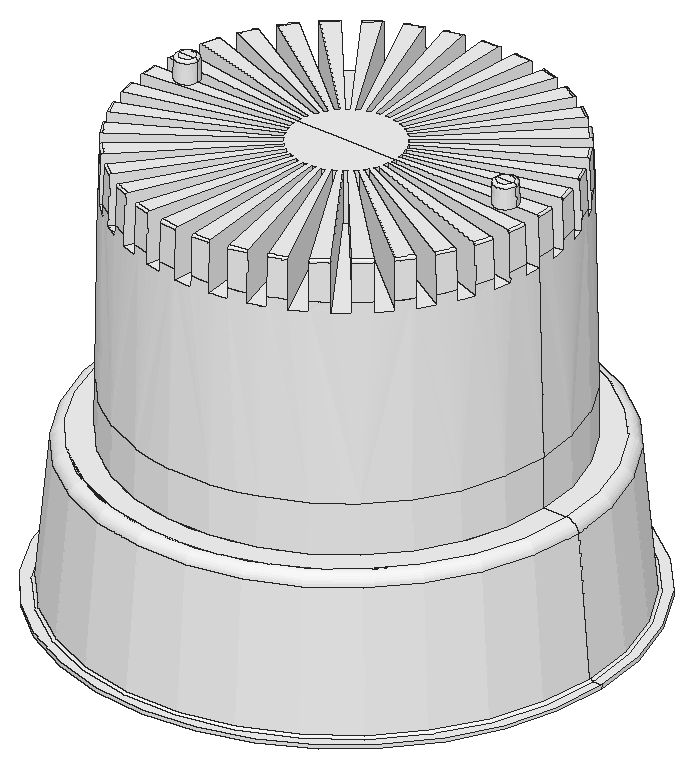
Revit family "RA 11 TL DIXIT LED", category Lighting Fixtures, host Ceiling, Revit 2019 (continued)
Types (28, lengths in mm): name | Wattage | Photometric Web File | built-in parameter 1150142 | Lamp | Wattage Comments | Lumens | built-in parameter 1150105 | built-in parameter 1150106 | Effective Intensity (lm) | Corrente driver (mA) | Beam angle (°)
  RA 11 TL DIXIT LED 2350lm 18W 3000K CRI85 18° Refl-WHITE-DALI | 15.8204 W | "255-2 _ 256-2 _ RA 11 DIXIT LED 18W 2350 lm 3000K 17°.IES" | "IESNA:LM-63-2002\r\n[TEST] I-Moon725-639WS/05-12-2012 / Luca\r\n[TESTLAB] ies2eulumdat.appspot.com\r\n[ISSUEDATE] 2021-07-24T14:42:53.191\r\n[MANUFAC] IVELA SpA\r\n[LUMCAT] 255-2\r\n[LUMINAIRE] RA 11 D.L.18W 2350lm 3000K 17°\r\n[LAMPCAT] LED per RA11 2350 3K\r\n[LAMP] LED per RA11 2350 3K\r\nTILT=NONE\r\n1\t2092\t1\t37\t1\t1\t2\t-0.079\t-0.079\t0.045\r\n1.0\t1.0\t18.00\r\n0\t 5\t 10\t 15\t 20\t 25\t 30\t 35\t 40\t 45\r\n50\t 55\t 60\t 65\t 70\t 75\t 80\t 85\t 90\t 95\r\n100\t 105\t 110\t 115\t 120\t 125\t 130\t 135\t 140\t 145\r\n150\t 155\t 160\t 165\t 170\t 175\t 180\r\n0\r\n11525.0231\t9113.9318\t4253.0191\t1701.6284\t1032.8968\t839.6551\t745.5904\t562.3621\t209.3542\t27.4936\r\n9.7602\t1.425\t0.2642\t0.1895\t0.1421\t0.1138\t0.0952\t0.0819\t0.0732\t0.0759\r\n0.0895\t0.1419\t0.2787\t0.5033\t0.7956\t1.1555\t1.6859\t2.6323\t4.2028\t6.1628\r\n7.8861\t8.8803\t9.3655\t9.8761\t10.2174\t9.5885\t8.7815" | "LED 2350lm 18W 3000K CRI85" | "18" | 2350 lm | 12946.4 (stored number, unit not read) | 129.46 (stored number, unit not read) | 2092 | "500mA dimmerabile DALI" | "18° Refl."
  RA 11 TL DIXIT LED 2350lm 18W 3000K CRI85 30° Refl-WHITE-DALI | 15.8204 W | "255-2 _ 256-2 _ RA 11 DIXIT LED 18W 2350 lm 3000K 30°.IES" | "IESNA:LM-63-2002\r\n[TEST] I-Moon 725-6 39W M/06-12-2012 / Luca\r\n[TESTLAB] ies2eulumdat.appspot.com\r\n[ISSUEDATE] 2021-07-24T14:43:25.864\r\n[MANUFAC] IVELA SpA\r\n[LUMCAT] 255-2\r\n[LUMINAIRE] RA 11 D.L.18W 2350lm 3000K 30°\r\n[LAMPCAT] LED per RA11 2350 3K\r\n[LAMP] LED per RA11 2350 3K\r\nTILT=NONE\r\n1\t2092\t1\t37\t1\t1\t2\t-0.079\t-0.079\t0.045\r\n1.0\t1.0\t18.00\r\n0\t 5\t 10\t 15\t 20\t 25\t 30\t 35\t 40\t 45\r\n50\t 55\t 60\t 65\t 70\t 75\t 80\t 85\t 90\t 95\r\n100\t 105\t 110\t 115\t 120\t 125\t 130\t 135\t 140\t 145\r\n150\t 155\t 160\t 165\t 170\t 175\t 180\r\n0\r\n5182.5689\t4716.983\t3582.6621\t2415.4681\t1574.8843\t1116.8936\t892.1898\t639.929\t238.836\t38.2265\r\n14.2749\t2.664\t0.827\t0.5504\t0.3646\t0.2421\t0.1591\t0.1069\t0.077\t0.0797\r\n0.0943\t0.1557\t0.3091\t0.5735\t0.939\t1.4303\t2.1416\t3.1641\t4.4752\t5.9482\r\n7.3724\t8.5104\t9.2396\t9.7347\t9.9556\t9.8662\t9.8707" | "LED 2350lm 18W 3000K CRI85" | "18" | 2350 lm | 12946.4 (stored number, unit not read) | 129.46 (stored number, unit not read) | 2092 | "500mA dimmerabile DALI" | "30° Refl."
  RA 11 TL DIXIT LED 2350lm 18W 3000K CRI85 55° Refl-WHITE-DALI | 15.8204 W | "255-2 _ 256-2 _ RA 11 DIXIT LED 18W 2350 lm 3000K 55°.IES" | "IESNA:LM-63-2002\r\n[TEST] I-Moon 725-6 39W W/07-12-2012 / Luca\r\n[TESTLAB] ies2eulumdat.appspot.com\r\n[ISSUEDATE] 2021-07-24T14:43:56.792\r\n[MANUFAC] IVELA SpA\r\n[LUMCAT] 255-2 / 256-2\r\n[LUMINAIRE] RA 11 DIXIT LED 18W 2350LM 3000K\r\n[LAMPCAT] LED per RA11 2350 3K\r\n[LAMP] LED per RA11 2350 3K\r\nTILT=NONE\r\n1\t2092\t1\t37\t1\t1\t2\t-0.079\t-0.079\t0.045\r\n1.0\t1.0\t18.00\r\n0\t 5\t 10\t 15\t 20\t 25\t 30\t 35\t 40\t 45\r\n50\t 55\t 60\t 65\t 70\t 75\t 80\t 85\t 90\t 95\r\n100\t 105\t 110\t 115\t 120\t 125\t 130\t 135\t 140\t 145\r\n150\t 155\t 160\t 165\t 170\t 175\t 180\r\n0\r\n2293.021\t2281.7867\t2245.4504\t2142.5614\t1854.5886\t1437.7578\t1112.3102\t784.9294\t334.8038\t91.4568\r\n43.3674\t19.2255\t10.4287\t5.936\t3.2723\t1.6142\t0.8301\t0.4246\t0.1233\t0.1122\r\n0.1432\t0.2324\t0.4324\t0.7685\t1.2358\t1.8452\t2.6192\t3.5453\t4.5676\t5.6486\r\n6.7362\t7.6919\t8.3645\t8.8228\t9.1838\t9.5528\t9.8271" | "LED 2350lm 18W 3000K CRI85" | "18" | 2350 lm | 12946.4 (stored number, unit not read) | 129.46 (stored number, unit not read) | 2092 | "500mA dimmerabile DALI" | "55° Refl."
  RA 11 TL DIXIT LED 2350lm 18W 3000K CRI85 70° Refl-WHITE-DALI | 15.8204 W | "255-2 _ 256-2 _ RA 11 DIXIT LED 18W 2350 lm 3000K 70°.IES" | "IESNA:LM-63-2002\r\n[TEST] Citizen CLL042 _ 69°/07-11-2013 / Luca\r\n[TESTLAB] ies2eulumdat.appspot.com\r\n[ISSUEDATE] 2021-07-24T14:44:33.241\r\n[MANUFAC] IVELA SpA\r\n[LUMCAT] 255-2\r\n[LUMINAIRE] RA 11 D.L.18W 2350lm 3000K 70°\r\n[LAMPCAT] LED per RA11 2350 3K\r\n[LAMP] LED per RA11 2350 3K\r\nTILT=NONE\r\n1\t2092\t1\t37\t1\t1\t2\t-0.079\t-0.079\t0.045\r\n1.0\t1.0\t18.00\r\n0\t 5\t 10\t 15\t 20\t 25\t 30\t 35\t 40\t 45\r\n50\t 55\t 60\t 65\t 70\t 75\t 80\t 85\t 90\t 95\r\n100\t 105\t 110\t 115\t 120\t 125\t 130\t 135\t 140\t 145\r\n150\t 155\t 160\t 165\t 170\t 175\t 180\r\n0\r\n1539.4218\t1516.108\t1444.9974\t1337.9465\t1232.0921\t1132.038\t1003.9266\t745.6518\t469.3619\t270.6995\r\n219.6357\t178.5407\t140.9051\t107.71\t78.1543\t53.2575\t31.9947\t14.4573\t0.9019\t0.4541\r\n0.5798\t0.7599\t1.0252\t1.388\t1.8258\t2.3266\t2.8882\t3.515\t4.1728\t4.8476\r\n5.4928\t6.0091\t6.3497\t6.6398\t6.9902\t7.2997\t7.4771" | "LED 2350lm 18W 3000K CRI85" | "18" | 2350 lm | 12946.4 (stored number, unit not read) | 129.46 (stored number, unit not read) | 2092 | "500mA dimmerabile DALI" | "70° Refl."
  RA 11 TL DIXIT LED 3100lm 26W 3000K CRI85 18° Refl-WHITE | 20.8695 W | "255-2 _ 256-2 _ RA 11 DIXIT LED 26W 3100 lm 3000K 18°.IES" | "IESNA:LM-63-2002\r\n[TEST] I-Moon725-639WS/05-12-2012 / Luca\r\n[TESTLAB] ies2eulumdat.appspot.com\r\n[ISSUEDATE] 2021-07-24T14:45:04.997\r\n[MANUFAC] IVELA SpA\r\n[LUMCAT] 255-2\r\n[LUMINAIRE] RA 11 D.L.26W 3100lm 3000K 17°\r\n[LAMPCAT] LED RA11SOFT 26W3K\r\n[LAMP] LED RA11SOFT 26W3K\r\nTILT=NONE\r\n1\t2759\t1\t37\t1\t1\t2\t-0.079\t-0.079\t0.003\r\n1.0\t1.0\t26.00\r\n0\t 5\t 10\t 15\t 20\t 25\t 30\t 35\t 40\t 45\r\n50\t 55\t 60\t 65\t 70\t 75\t 80\t 85\t 90\t 95\r\n100\t 105\t 110\t 115\t 120\t 125\t 130\t 135\t 140\t 145\r\n150\t 155\t 160\t 165\t 170\t 175\t 180\r\n0\r\n15199.5883\t12019.76\t5609.0248\t2244.1648\t1362.2191\t1107.3654\t983.3097\t741.6621\t276.1034\t36.2595\r\n12.8721\t1.8793\t0.3484\t0.25\t0.1874\t0.1501\t0.1256\t0.108\t0.0965\t0.1\r\n0.1181\t0.1872\t0.3676\t0.6638\t1.0493\t1.524\t2.2234\t3.4716\t5.5429\t8.1277\r\n10.4005\t11.7117\t12.3516\t13.0249\t13.4751\t12.6457\t11.5814" | "LED 3100lm 26W 3000K CRI85" | "26" | 3100 lm | 17078.2 (stored number, unit not read) | 170.78 (stored number, unit not read) | 2759 | "700mA" | "18° Refl."
  RA 11 TL DIXIT LED 3100lm 26W 3000K CRI85 30° Refl-WHITE | 20.8695 W | "255-2 _ 256-2 _ RA 11 DIXIT LED 26W 3100 lm 3000K 30°.IES" | "IESNA:LM-63-2002\r\n[TEST] I-Moon 725-6 39W M/06-12-2012 / Luca\r\n[TESTLAB] ies2eulumdat.appspot.com\r\n[ISSUEDATE] 2021-07-24T14:45:31.413\r\n[MANUFAC] IVELA SpA\r\n[LUMCAT] 255-2\r\n[LUMINAIRE] RA 11 D.L.26W 3100lm 3000K 30°\r\n[LAMPCAT] LED RA11SOFT 26W3K\r\n[LAMP] LED RA11SOFT 26W3K\r\nTILT=NONE\r\n1\t2759\t1\t37\t1\t1\t2\t-0.079\t-0.079\t0.003\r\n1.0\t1.0\t26.00\r\n0\t 5\t 10\t 15\t 20\t 25\t 30\t 35\t 40\t 45\r\n50\t 55\t 60\t 65\t 70\t 75\t 80\t 85\t 90\t 95\r\n100\t 105\t 110\t 115\t 120\t 125\t 130\t 135\t 140\t 145\r\n150\t 155\t 160\t 165\t 170\t 175\t 180\r\n0\r\n6834.9463\t6220.9159\t4724.9354\t3185.6006\t2077.0103\t1472.9968\t1176.6499\t843.9599\t314.9849\t50.4144\r\n18.8262\t3.5134\t1.0907\t0.7259\t0.4808\t0.3193\t0.2098\t0.141\t0.1016\t0.1051\r\n0.1244\t0.2053\t0.4076\t0.7563\t1.2383\t1.8863\t2.8245\t4.1729\t5.9021\t7.8447\r\n9.723\t11.2239\t12.1855\t12.8385\t13.1298\t13.0119\t13.0178" | "LED 3100lm 26W 3000K CRI85" | "26" | 3100 lm | 17078.2 (stored number, unit not read) | 170.78 (stored number, unit not read) | 2759 | "700mA" | "30° Refl."
  RA 11 TL DIXIT LED 3100lm 26W 3000K CRI85 55° Refl-WHITE | 20.8695 W | "255-2 _ 256-2 _ RA 11 DIXIT LED 26W 3100 lm 3000K 55°.IES" | "IESNA:LM-63-2002\r\n[TEST] I-Moon 725-6 39W W/07-12-2012 / Luca\r\n[TESTLAB] ies2eulumdat.appspot.com\r\n[ISSUEDATE] 2021-07-24T14:45:57.568\r\n[MANUFAC] IVELA SpA\r\n[LUMCAT] 255-2\r\n[LUMINAIRE] RA 11 D.L.26W 3100lm 3000K 55°\r\n[LAMPCAT] LED RA11SOFT 26W3K\r\n[LAMP] LED RA11SOFT 26W3K\r\nTILT=NONE\r\n1\t2759\t1\t37\t1\t1\t2\t-0.079\t-0.079\t0.003\r\n1.0\t1.0\t26.00\r\n0\t 5\t 10\t 15\t 20\t 25\t 30\t 35\t 40\t 45\r\n50\t 55\t 60\t 65\t 70\t 75\t 80\t 85\t 90\t 95\r\n100\t 105\t 110\t 115\t 120\t 125\t 130\t 135\t 140\t 145\r\n150\t 155\t 160\t 165\t 170\t 175\t 180\r\n0\r\n3024.1132\t3009.2971\t2961.3756\t2825.6821\t2445.8939\t1896.1633\t1466.9521\t1035.1913\t441.5506\t120.6163\r\n57.1944\t25.3553\t13.7537\t7.8287\t4.3157\t2.1288\t1.0948\t0.5599\t0.1626\t0.1479\r\n0.1889\t0.3065\t0.5703\t1.0136\t1.6299\t2.4335\t3.4543\t4.6757\t6.0239\t7.4496\r\n8.884\t10.1444\t11.0314\t11.6358\t12.1119\t12.5986\t12.9603" | "LED 3100lm 26W 3000K CRI85" | "26" | 3100 lm | 17078.2 (stored number, unit not read) | 170.78 (stored number, unit not read) | 2759 | "700mA" | "55° Refl."
  RA 11 TL DIXIT LED 3100lm 26W 3000K CRI85 70° Refl-WHITE | 20.8695 W | "255-2 _ 256-2 _ RA 11 DIXIT LED 26W 3100 lm 3000K 70°.IES" | "IESNA:LM-63-2002\r\n[TEST] Citizen CLL042 _ 69°/07-11-2013 / Luca\r\n[TESTLAB] ies2eulumdat.appspot.com\r\n[ISSUEDATE] 2021-07-24T14:46:30.789\r\n[MANUFAC] IVELA SpA\r\n[LUMCAT] 255-2\r\n[LUMINAIRE] RA 11 D.L.26W 3100lm 3000K 70°\r\n[LAMPCAT] LED RA11SOFT 26W3K\r\n[LAMP] LED RA11SOFT 26W3K\r\nTILT=NONE\r\n1\t2759\t1\t37\t1\t1\t2\t-0.079\t-0.079\t0.003\r\n1.0\t1.0\t26.00\r\n0\t 5\t 10\t 15\t 20\t 25\t 30\t 35\t 40\t 45\r\n50\t 55\t 60\t 65\t 70\t 75\t 80\t 85\t 90\t 95\r\n100\t 105\t 110\t 115\t 120\t 125\t 130\t 135\t 140\t 145\r\n150\t 155\t 160\t 165\t 170\t 175\t 180\r\n0\r\n2030.2412\t1999.4943\t1905.7112\t1764.5289\t1624.9245\t1492.9698\t1324.0122\t983.3907\t619.0102\t357.0076\r\n289.663\t235.4655\t185.8304\t142.0516\t103.0725\t70.2378\t42.1957\t19.0668\t1.1894\t0.5989\r\n0.7647\t1.0022\t1.3521\t1.8306\t2.4079\t3.0683\t3.809\t4.6357\t5.5032\t6.3932\r\n7.2441\t7.925\t8.3743\t8.7568\t9.2189\t9.6271\t9.8611" | "LED 3100lm 26W 3000K CRI85" | "26" | 3100 lm | 17078.2 (stored number, unit not read) | 170.78 (stored number, unit not read) | 2759 | "700mA" | "70° Refl."
  RA 11 TL DIXIT LED 3100lm 26W 3000K CRI85 18° Refl-WHITE-DALI | 20.8695 W | "255-2 _ 256-2 _ RA 11 DIXIT LED 26W 3100 lm 3000K 18°.IES" | "IESNA:LM-63-2002\r\n[TEST] I-Moon725-639WS/05-12-2012 / Luca\r\n[TESTLAB] ies2eulumdat.appspot.com\r\n[ISSUEDATE] 2021-07-24T14:45:04.997\r\n[MANUFAC] IVELA SpA\r\n[LUMCAT] 255-2\r\n[LUMINAIRE] RA 11 D.L.26W 3100lm 3000K 17°\r\n[LAMPCAT] LED RA11SOFT 26W3K\r\n[LAMP] LED RA11SOFT 26W3K\r\nTILT=NONE\r\n1\t2759\t1\t37\t1\t1\t2\t-0.079\t-0.079\t0.003\r\n1.0\t1.0\t26.00\r\n0\t 5\t 10\t 15\t 20\t 25\t 30\t 35\t 40\t 45\r\n50\t 55\t 60\t 65\t 70\t 75\t 80\t 85\t 90\t 95\r\n100\t 105\t 110\t 115\t 120\t 125\t 130\t 135\t 140\t 145\r\n150\t 155\t 160\t 165\t 170\t 175\t 180\r\n0\r\n15199.5883\t12019.76\t5609.0248\t2244.1648\t1362.2191\t1107.3654\t983.3097\t741.6621\t276.1034\t36.2595\r\n12.8721\t1.8793\t0.3484\t0.25\t0.1874\t0.1501\t0.1256\t0.108\t0.0965\t0.1\r\n0.1181\t0.1872\t0.3676\t0.6638\t1.0493\t1.524\t2.2234\t3.4716\t5.5429\t8.1277\r\n10.4005\t11.7117\t12.3516\t13.0249\t13.4751\t12.6457\t11.5814" | "LED 3100lm 26W 3000K CRI85" | "26" | 3100 lm | 17078.2 (stored number, unit not read) | 170.78 (stored number, unit not read) | 2759 | "700mA dimmerabile DALI" | "18° Refl."
  RA 11 TL DIXIT LED 3100lm 26W 3000K CRI85 18° Refl-WHITE-regolabile | 20.8695 W | "255-2 _ 256-2 _ RA 11 DIXIT LED 26W 3100 lm 3000K 18°.IES" | "IESNA:LM-63-2002\r\n[TEST] I-Moon725-639WS/05-12-2012 / Luca\r\n[TESTLAB] ies2eulumdat.appspot.com\r\n[ISSUEDATE] 2021-07-24T14:45:04.997\r\n[MANUFAC] IVELA SpA\r\n[LUMCAT] 255-2\r\n[LUMINAIRE] RA 11 D.L.26W 3100lm 3000K 17°\r\n[LAMPCAT] LED RA11SOFT 26W3K\r\n[LAMP] LED RA11SOFT 26W3K\r\nTILT=NONE\r\n1\t2759\t1\t37\t1\t1\t2\t-0.079\t-0.079\t0.003\r\n1.0\t1.0\t26.00\r\n0\t 5\t 10\t 15\t 20\t 25\t 30\t 35\t 40\t 45\r\n50\t 55\t 60\t 65\t 70\t 75\t 80\t 85\t 90\t 95\r\n100\t 105\t 110\t 115\t 120\t 125\t 130\t 135\t 140\t 145\r\n150\t 155\t 160\t 165\t 170\t 175\t 180\r\n0\r\n15199.5883\t12019.76\t5609.0248\t2244.1648\t1362.2191\t1107.3654\t983.3097\t741.6621\t276.1034\t36.2595\r\n12.8721\t1.8793\t0.3484\t0.25\t0.1874\t0.1501\t0.1256\t0.108\t0.0965\t0.1\r\n0.1181\t0.1872\t0.3676\t0.6638\t1.0493\t1.524\t2.2234\t3.4716\t5.5429\t8.1277\r\n10.4005\t11.7117\t12.3516\t13.0249\t13.4751\t12.6457\t11.5814" | "LED 3100lm 26W 3000K CRI85" | "26" | 3100 lm | 17078.2 (stored number, unit not read) | 170.78 (stored number, unit not read) | 2759 | "700mA regolabile sul taglio di fase" | "18° Refl."
  RA 11 TL DIXIT LED 3100lm 26W 3000K CRI85 30° Refl-WHITE-regolabile | 20.8695 W | "255-2 _ 256-2 _ RA 11 DIXIT LED 26W 3100 lm 3000K 30°.IES" | "IESNA:LM-63-2002\r\n[TEST] I-Moon 725-6 39W M/06-12-2012 / Luca\r\n[TESTLAB] ies2eulumdat.appspot.com\r\n[ISSUEDATE] 2021-07-24T14:45:31.413\r\n[MANUFAC] IVELA SpA\r\n[LUMCAT] 255-2\r\n[LUMINAIRE] RA 11 D.L.26W 3100lm 3000K 30°\r\n[LAMPCAT] LED RA11SOFT 26W3K\r\n[LAMP] LED RA11SOFT 26W3K\r\nTILT=NONE\r\n1\t2759\t1\t37\t1\t1\t2\t-0.079\t-0.079\t0.003\r\n1.0\t1.0\t26.00\r\n0\t 5\t 10\t 15\t 20\t 25\t 30\t 35\t 40\t 45\r\n50\t 55\t 60\t 65\t 70\t 75\t 80\t 85\t 90\t 95\r\n100\t 105\t 110\t 115\t 120\t 125\t 130\t 135\t 140\t 145\r\n150\t 155\t 160\t 165\t 170\t 175\t 180\r\n0\r\n6834.9463\t6220.9159\t4724.9354\t3185.6006\t2077.0103\t1472.9968\t1176.6499\t843.9599\t314.9849\t50.4144\r\n18.8262\t3.5134\t1.0907\t0.7259\t0.4808\t0.3193\t0.2098\t0.141\t0.1016\t0.1051\r\n0.1244\t0.2053\t0.4076\t0.7563\t1.2383\t1.8863\t2.8245\t4.1729\t5.9021\t7.8447\r\n9.723\t11.2239\t12.1855\t12.8385\t13.1298\t13.0119\t13.0178" | "LED 3100lm 26W 3000K CRI85" | "26" | 3100 lm | 17078.2 (stored number, unit not read) | 170.78 (stored number, unit not read) | 2759 | "700mA regolabile sul taglio di fase" | "30° Refl."
  RA 11 TL DIXIT LED 3100lm 26W 3000K CRI85 30° Refl-WHITE-DALI | 20.8695 W | "255-2 _ 256-2 _ RA 11 DIXIT LED 26W 3100 lm 3000K 30°.IES" | "IESNA:LM-63-2002\r\n[TEST] I-Moon 725-6 39W M/06-12-2012 / Luca\r\n[TESTLAB] ies2eulumdat.appspot.com\r\n[ISSUEDATE] 2021-07-24T14:45:31.413\r\n[MANUFAC] IVELA SpA\r\n[LUMCAT] 255-2\r\n[LUMINAIRE] RA 11 D.L.26W 3100lm 3000K 30°\r\n[LAMPCAT] LED RA11SOFT 26W3K\r\n[LAMP] LED RA11SOFT 26W3K\r\nTILT=NONE\r\n1\t2759\t1\t37\t1\t1\t2\t-0.079\t-0.079\t0.003\r\n1.0\t1.0\t26.00\r\n0\t 5\t 10\t 15\t 20\t 25\t 30\t 35\t 40\t 45\r\n50\t 55\t 60\t 65\t 70\t 75\t 80\t 85\t 90\t 95\r\n100\t 105\t 110\t 115\t 120\t 125\t 130\t 135\t 140\t 145\r\n150\t 155\t 160\t 165\t 170\t 175\t 180\r\n0\r\n6834.9463\t6220.9159\t4724.9354\t3185.6006\t2077.0103\t1472.9968\t1176.6499\t843.9599\t314.9849\t50.4144\r\n18.8262\t3.5134\t1.0907\t0.7259\t0.4808\t0.3193\t0.2098\t0.141\t0.1016\t0.1051\r\n0.1244\t0.2053\t0.4076\t0.7563\t1.2383\t1.8863\t2.8245\t4.1729\t5.9021\t7.8447\r\n9.723\t11.2239\t12.1855\t12.8385\t13.1298\t13.0119\t13.0178" | "LED 3100lm 26W 3000K CRI85" | "26" | 3100 lm | 17078.2 (stored number, unit not read) | 170.78 (stored number, unit not read) | 2759 | "700mA dimmerabile DALI" | "30° Refl."
  RA 11 TL DIXIT LED 3100lm 26W 3000K CRI85 55° Refl-WHITE-DALI | 20.8695 W | "255-2 _ 256-2 _ RA 11 DIXIT LED 26W 3100 lm 3000K 55°.IES" | "IESNA:LM-63-2002\r\n[TEST] I-Moon 725-6 39W W/07-12-2012 / Luca\r\n[TESTLAB] ies2eulumdat.appspot.com\r\n[ISSUEDATE] 2021-07-24T14:45:57.568\r\n[MANUFAC] IVELA SpA\r\n[LUMCAT] 255-2\r\n[LUMINAIRE] RA 11 D.L.26W 3100lm 3000K 55°\r\n[LAMPCAT] LED RA11SOFT 26W3K\r\n[LAMP] LED RA11SOFT 26W3K\r\nTILT=NONE\r\n1\t2759\t1\t37\t1\t1\t2\t-0.079\t-0.079\t0.003\r\n1.0\t1.0\t26.00\r\n0\t 5\t 10\t 15\t 20\t 25\t 30\t 35\t 40\t 45\r\n50\t 55\t 60\t 65\t 70\t 75\t 80\t 85\t 90\t 95\r\n100\t 105\t 110\t 115\t 120\t 125\t 130\t 135\t 140\t 145\r\n150\t 155\t 160\t 165\t 170\t 175\t 180\r\n0\r\n3024.1132\t3009.2971\t2961.3756\t2825.6821\t2445.8939\t1896.1633\t1466.9521\t1035.1913\t441.5506\t120.6163\r\n57.1944\t25.3553\t13.7537\t7.8287\t4.3157\t2.1288\t1.0948\t0.5599\t0.1626\t0.1479\r\n0.1889\t0.3065\t0.5703\t1.0136\t1.6299\t2.4335\t3.4543\t4.6757\t6.0239\t7.4496\r\n8.884\t10.1444\t11.0314\t11.6358\t12.1119\t12.5986\t12.9603" | "LED 3100lm 26W 3000K CRI85" | "26" | 3100 lm | 17078.2 (stored number, unit not read) | 170.78 (stored number, unit not read) | 2759 | "700mA dimmerabile DALI" | "55° Refl."
  RA 11 TL DIXIT LED 3100lm 26W 3000K CRI85 55° Refl-WHITE-regolabile | 20.8695 W | "255-2 _ 256-2 _ RA 11 DIXIT LED 26W 3100 lm 3000K 55°.IES" | "IESNA:LM-63-2002\r\n[TEST] I-Moon 725-6 39W W/07-12-2012 / Luca\r\n[TESTLAB] ies2eulumdat.appspot.com\r\n[ISSUEDATE] 2021-07-24T14:45:57.568\r\n[MANUFAC] IVELA SpA\r\n[LUMCAT] 255-2\r\n[LUMINAIRE] RA 11 D.L.26W 3100lm 3000K 55°\r\n[LAMPCAT] LED RA11SOFT 26W3K\r\n[LAMP] LED RA11SOFT 26W3K\r\nTILT=NONE\r\n1\t2759\t1\t37\t1\t1\t2\t-0.079\t-0.079\t0.003\r\n1.0\t1.0\t26.00\r\n0\t 5\t 10\t 15\t 20\t 25\t 30\t 35\t 40\t 45\r\n50\t 55\t 60\t 65\t 70\t 75\t 80\t 85\t 90\t 95\r\n100\t 105\t 110\t 115\t 120\t 125\t 130\t 135\t 140\t 145\r\n150\t 155\t 160\t 165\t 170\t 175\t 180\r\n0\r\n3024.1132\t3009.2971\t2961.3756\t2825.6821\t2445.8939\t1896.1633\t1466.9521\t1035.1913\t441.5506\t120.6163\r\n57.1944\t25.3553\t13.7537\t7.8287\t4.3157\t2.1288\t1.0948\t0.5599\t0.1626\t0.1479\r\n0.1889\t0.3065\t0.5703\t1.0136\t1.6299\t2.4335\t3.4543\t4.6757\t6.0239\t7.4496\r\n8.884\t10.1444\t11.0314\t11.6358\t12.1119\t12.5986\t12.9603" | "LED 3100lm 26W 3000K CRI85" | "26" | 3100 lm | 17078.2 (stored number, unit not read) | 170.78 (stored number, unit not read) | 2759 | "700mA regolabile sul taglio di fase" | "55° Refl."
  RA 11 TL DIXIT LED 3100lm 26W 3000K CRI85 70° Refl-WHITE-regolabile | 20.8695 W | "255-2 _ 256-2 _ RA 11 DIXIT LED 26W 3100 lm 3000K 70°.IES" | "IESNA:LM-63-2002\r\n[TEST] Citizen CLL042 _ 69°/07-11-2013 / Luca\r\n[TESTLAB] ies2eulumdat.appspot.com\r\n[ISSUEDATE] 2021-07-24T14:46:30.789\r\n[MANUFAC] IVELA SpA\r\n[LUMCAT] 255-2\r\n[LUMINAIRE] RA 11 D.L.26W 3100lm 3000K 70°\r\n[LAMPCAT] LED RA11SOFT 26W3K\r\n[LAMP] LED RA11SOFT 26W3K\r\nTILT=NONE\r\n1\t2759\t1\t37\t1\t1\t2\t-0.079\t-0.079\t0.003\r\n1.0\t1.0\t26.00\r\n0\t 5\t 10\t 15\t 20\t 25\t 30\t 35\t 40\t 45\r\n50\t 55\t 60\t 65\t 70\t 75\t 80\t 85\t 90\t 95\r\n100\t 105\t 110\t 115\t 120\t 125\t 130\t 135\t 140\t 145\r\n150\t 155\t 160\t 165\t 170\t 175\t 180\r\n0\r\n2030.2412\t1999.4943\t1905.7112\t1764.5289\t1624.9245\t1492.9698\t1324.0122\t983.3907\t619.0102\t357.0076\r\n289.663\t235.4655\t185.8304\t142.0516\t103.0725\t70.2378\t42.1957\t19.0668\t1.1894\t0.5989\r\n0.7647\t1.0022\t1.3521\t1.8306\t2.4079\t3.0683\t3.809\t4.6357\t5.5032\t6.3932\r\n7.2441\t7.925\t8.3743\t8.7568\t9.2189\t9.6271\t9.8611" | "LED 3100lm 26W 3000K CRI85" | "26" | 3100 lm | 17078.2 (stored number, unit not read) | 170.78 (stored number, unit not read) | 2759 | "700mA regolabile sul taglio di fase" | "70° Refl."
  RA 11 TL DIXIT LED 3100lm 26W 3000K CRI85 70° Refl-WHITE-DALI | 20.8695 W | "255-2 _ 256-2 _ RA 11 DIXIT LED 26W 3100 lm 3000K 70°.IES" | "IESNA:LM-63-2002\r\n[TEST] Citizen CLL042 _ 69°/07-11-2013 / Luca\r\n[TESTLAB] ies2eulumdat.appspot.com\r\n[ISSUEDATE] 2021-07-24T14:46:30.789\r\n[MANUFAC] IVELA SpA\r\n[LUMCAT] 255-2\r\n[LUMINAIRE] RA 11 D.L.26W 3100lm 3000K 70°\r\n[LAMPCAT] LED RA11SOFT 26W3K\r\n[LAMP] LED RA11SOFT 26W3K\r\nTILT=NONE\r\n1\t2759\t1\t37\t1\t1\t2\t-0.079\t-0.079\t0.003\r\n1.0\t1.0\t26.00\r\n0\t 5\t 10\t 15\t 20\t 25\t 30\t 35\t 40\t 45\r\n50\t 55\t 60\t 65\t 70\t 75\t 80\t 85\t 90\t 95\r\n100\t 105\t 110\t 115\t 120\t 125\t 130\t 135\t 140\t 145\r\n150\t 155\t 160\t 165\t 170\t 175\t 180\r\n0\r\n2030.2412\t1999.4943\t1905.7112\t1764.5289\t1624.9245\t1492.9698\t1324.0122\t983.3907\t619.0102\t357.0076\r\n289.663\t235.4655\t185.8304\t142.0516\t103.0725\t70.2378\t42.1957\t19.0668\t1.1894\t0.5989\r\n0.7647\t1.0022\t1.3521\t1.8306\t2.4079\t3.0683\t3.809\t4.6357\t5.5032\t6.3932\r\n7.2441\t7.925\t8.3743\t8.7568\t9.2189\t9.6271\t9.8611" | "LED 3100lm 26W 3000K CRI85" | "26" | 3100 lm | 17078.2 (stored number, unit not read) | 170.78 (stored number, unit not read) | 2759 | "700mA dimmerabile DALI" | "70° Refl."
